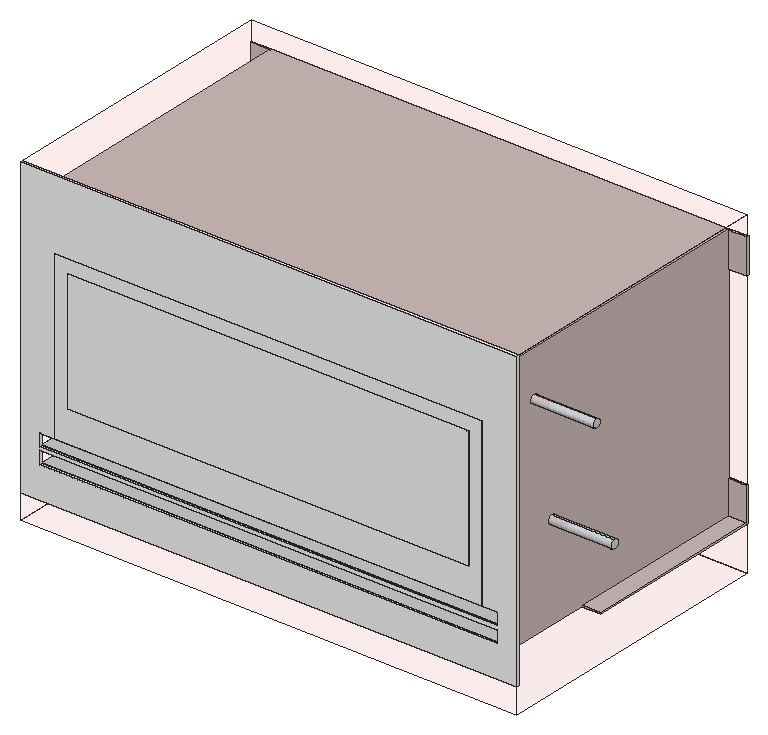
Revit family "Air-Curtain_Vestibule-Except_PoweredAire_CHA-HWST", category Mechanical Equipment, host Face, Revit 2019
Family settings
  Host = Face
  Round Connector Dimension = Use Diameter
  Part Type = Normal
  OmniClass Number = 23.75.35.17.21
  OmniClass Title = Air Curtains
  Cut with Voids When Loaded = No
  Shared = No
  Room Calculation Point = No
Parameters
  upperpiperotation [instance] = if(Upper Pipe Connection Side A, 0.00°, 180.00°)  # 0.00°
  lowerpiperotation [instance] = if(Lower Pipe Connection Side A, 0.00°, 180.00°)  # 0.00°
  locateupperpipe [instance] = if(Upper Pipe Connection Side A, 0' 0", Nozzle Width)  # 0' - 0"
  locatelowerpipe [instance] = if(Lower Pipe Connection Side A, 0' 0", Nozzle Width)  # 0' - 0"
  Warranty Duration (Years) = 0
  Upper Pipe Connection Side A [instance] = yes
  Unit Width Notes = "Other Widths available."  # constant formula
  Unit Width = 3' - 3"
  Unit Weight = 0
  Unit Height = 1' - 10 3/4"
  Unit Depth = 1' - 11 1/4"
  URL = "http://www.poweredaire.com/"
  Test Data = ""
  Standards Conformance = "as Specified"
  Specification = "http://www.arcat.com/sdspecs/htm04/23_34_33pai.htm"
  SpecWizard = ""
  Sound Pressure = "as Specified"
  Sales Information = "http://www.poweredaire.com/contact_us"
  Revision = "R1_2016-08"
  Projection from Host [instance] = 0' - 2"
  Product Properties = ""
  Product Data = "http://www.arcat.com/arcatcos/cos47/arc47623.html"
  Power Rating = 0 W
  Piping_Water Flow [instance] = 0 GPM
  Piping_Operating Pressure [instance] = 0.00 psi
  Piping_Exit Temperature [instance] = 0 °F
  Piping_Entry Temperature [instance] = 0 °F
  Pipe OD [instance] = 5/8"
  Nozzle Width = if(1 = 1, Unit Width - 0' 3", 0' 0")  # 3' - 0"
  Mounting Width = if(1 = 1, Unit Width - 0' 1 1/2", 0' 0")  # 3' - 1 1/2"
  Mounting Height [instance] = 3' - 6"
  Motor RPM = 0
  Motor HP = 0
  Motor Count = 0
  Model = "As Specified"
  Max Height = 0' - 0"
  Manufacturer Website = "http://www.poweredaire.com/"
  Manufacturer Phone - Toll Free = "888-321-2473"
  Manufacturer Phone = "724-588-3305"
  Manufacturer Fax = "724-588-3371"
  Manufacturer Address = "109 Mortensen Rd.  Greenville, PA 16125"
  Manufacturer = "Powered Aire, Inc"
  Maintenance Schedule (Months) = 0
  Lower Pipe Connection Side A [instance] = yes
  Keynote = "23 34 33"
  Installation-Fabrication = ""
  Installation Phase = ""
  Include Clearance [instance] = yes
  Heating Element Load = 0 W
  HVAC_Temperature Rise = 0 °F
  HVAC_Outlet Volume = 0 CFM
  HVAC_Outlet Velocity Uniformity = 0
  HVAC_Outlet Velocity = 0 FPM
  HVAC_BTU Input = 0.0 Btu/h
  Green Building-LEED = "http://www.arcat.com/green/clients/leed_data_47623.html"
  Front Grating Material [instance] = Metal - Steel - PoweredAire - White Perforated
  Frame Finish [instance] = Metal - Steel - PoweredAire - Stainless 304
  Expected Lifespan (Years) = 0
  Electrical_Wattage [instance] = Power Rating + Heating Element Load  # 0 W
  Electrical_Voltage [instance] = 0 V
  Electrical_Phase [instance] = 1
  Electrical_Frequency [instance] = 0 Hz
  Electrical_Amperage [instance] = 0 A
  Drawn By = "Sumex Design, Inc. / Robert S. Weygant, CSI, CDT, SCIP"
  Description = "Powered Aire Air Curtain as Specified"
  Default Elevation = 0' - 0"  # constant formula
  Cover Finish [instance] = Metal - Steel - PoweredAire - White
  Copyright = "©Arcat Inc."
  Construction Details = "http://www.arcat.com/details/powair/prod3336.html"
  Clearance_Top [instance] = 0' - 0"
  Clearance_Side B [instance] = 0' - 0"
  Clearance_Side A [instance] = 0' - 0"
  Clearance_Intake [instance] = 0' - 0"
  Clearance_Front [instance] = 0' - 0"
  Clearance Material [instance] = ARCAT Clearance
  Building Codes = ""
  Available Options [instance] = "as Specified"
  Assembly Code = "D3090400"
Reference planes (in)
  plane 1 "Center (Elevation)": y = 11.51318
  plane 2: z = 0
  plane 3 "Center (Left/Right)": x = 0
  plane 4: y = 22.88818
  plane 5: y = 0.13818
  plane 6: x = -19.5
  plane 7: x = 19.5
  plane 8: z = 25.25
  plane 9 "FF": y = -41.86182
  plane 10: z = 2
  plane 11: x = 18
  plane 12: x = -18
  plane 13: y = 22.88818
  plane 14: y = 0.13818
  plane 15: x = -19.5
  plane 16: x = 19.5
  plane 17: z = 25.25
  plane 18: y = 0.38818
  plane 19: x = 18
  plane 20: x = 18
  plane 21: z = 20.25
  plane 22: z = 11
Forms (in)
  Extrusion 1, solid, material "ARCAT Clearance" <- "Clearance Material", visible <- "Include Clearance"
    sketch origin (0, 0, 0) x (0, 1, 0) y (0, 0, 1)
      loop
        line (0.13818, 25.25) -> (0.13818, 0) -> (22.88818, 0) -> (22.88818, 25.25) -> (0.13818, 25.25)
    from -19.5 to 19.5
  Extrusion 2, solid, material "Metal - Steel - PoweredAire - White" <- "Cover Finish"
    sketch origin (0, 11.51318, 0) x (1, 0, 0) y (0, 0, 1)
      loop
        line (-19.5, 25.25) -> (-19.5, 2) -> (19.5, 2) -> (19.5, 25.25) -> (-19.5, 25.25)
    from 11.125 to 11.375
  Extrusion 3, solid, material "Metal - Steel - PoweredAire - Stainless 304" <- "Frame Finish"
    sketch origin (0, 11.51318, 0) x (1, 0, 0) y (0, 0, 1)
      loop
        line (18, 23.75) -> (-18, 23.75) -> (-18, 3.5) -> (18, 3.5) -> (18, 23.75)
    from -11.375 to 11.125
  Extrusion 4, void
    sketch origin (0, 0, 0) x (0, 1, 0) y (0, 0, 1)
      loop
        line (0.13818, 5.5) -> (0.13818, 4.5) -> (1.88818, 4.5) -> (1.88818, 6.75) -> (0.13818, 6.75) -> (0.13818, 5.75) -> (1.63818, 5.75) -> (1.63818, 5.5) -> (0.13818, 5.5)
    from -18 to 18
  Extrusion 5, solid, material "Metal - Steel - PoweredAire - White" <- "Cover Finish"
    sketch origin (-11.83813, 0.13818, 48) x (-1, 0, 0) y (0, 0, 1)
      loop
        line (4.91187, -41.25) -> (4.91187, -28.25) -> (-28.58813, -28.25) -> (-28.58813, -41.25) -> (4.91187, -41.25)
    from 0 to -0.03125
  Extrusion 6, solid, material "Metal - Steel - PoweredAire - White Perforated" <- "Front Grating Material"
    sketch origin (-11.83813, 0.10693, 48) x (1, 0, 0) y (0, 0, 1)
      loop
        line (-3.91187, -29.25) -> (-3.91187, -38.75) -> (27.58813, -38.75) -> (27.58813, -29.25) -> (-3.91187, -29.25)
    from 0 to 0.03125
  Extrusion 7, solid, material "Metal - Steel - PoweredAire - Stainless 304" <- "Frame Finish"
    sketch origin (-15.17702, -180, 2) x (-1, 0, 0) y (0, -1, 0)
      loop
        line (-33.17702, -202.88818) -> (-33.17702, -188.38818) -> (-34.67702, -188.38818) -> (-34.67702, -202.88818) -> (-33.17702, -202.88818)
      loop
        line (2.82298, -202.88818) -> (4.32298, -202.88818) -> (4.32298, -188.38818) -> (2.82298, -188.38818) -> (2.82298, -202.88818)
    from 1.5 to 1.625
  Extrusion 8, solid, material "Metal - Steel - PoweredAire - Stainless 304" <- "Frame Finish"
    sketch origin (-11.83813, 22.88818, 48) x (-1, 0, 0) y (0, 0, 1)
      loop
        line (7.66187, -44.5) -> (7.66187, -41.75) -> (6.16187, -41.75) -> (6.16187, -44.5) -> (7.66187, -44.5)
      loop
        line (-31.33813, -44.5) -> (-29.83813, -44.5) -> (-29.83813, -41.75) -> (-31.33813, -41.75) -> (-31.33813, -44.5)
      loop
        line (7.66187, -27) -> (7.66187, -24.25) -> (6.16187, -24.25) -> (6.16187, -27) -> (7.66187, -27)
      loop
        line (-31.33813, -27) -> (-29.83813, -27) -> (-29.83813, -24.25) -> (-31.33813, -24.25) -> (-31.33813, -27)
    from 0 to -0.125
  Sweep 9, solid
    path origin (18, 11.51318, 20.25) x (1, 0, 0) y (0, 0, 1)
      loop
        line (0, 0) -> (5, 0)
    profile origin (20.5, 11.51318, 20.25) x (0, 0, 1) y (0, -1, 0)
      loop
        circle (0, 7.875) r 0.3125
  Sweep 10, solid
    path origin (18, 11.51318, 11) x (1, 0, 0) y (0, 0, 1)
      loop
        line (0, 0) -> (5, 0)
    profile origin (20.5, 11.51318, 11) x (0, 0, 1) y (0, -1, 0)
      loop
        circle (0, 6.125) r 0.3125
Cuts and joins
  Extrusion 4 cuts Extrusion 1
  Extrusion 4 cuts Extrusion 2
  Extrusion 4 cuts Extrusion 3
Lines and regions (in)
  reference lines
    curve 1: line (18, 11.51318, 20.25) -> (25.75, 11.51318, 20.25)
    curve 2: line (18, 11.51318, 11) -> (26.25, 11.51318, 11)
Dimensions and locks (in)
  equal spacing: plane 4, plane 1 "Center (Elevation)", plane 5
  "Unit Height": plane 4 to plane 5
  equal spacing: plane 6, plane 3 "Center (Left/Right)", plane 7
  "Unit Width": plane 6 to plane 7
  "Mounting Height": plane 5 to plane 9 "FF"
  "Projection from Host": plane 10 to level
  "Unit Depth": plane 8 to plane 10
  locked: plane 6 to plane 12 at 1.5
  locked: plane 11 to plane 7 at 1.5
  "Clearance_Side A": plane 7 to plane 16
  "Clearance_Side B": plane 15 to plane 6
  "Clearance_Top": plane 13 to plane 4
  "Clearance_Intake": plane 5 to plane 14
  "Clearance_Front": plane 17 to plane 8
  locked: plane 8 to Extrusion 3 sketch curve at 1.5
  locked: Extrusion 3 sketch curve to plane 10 at 1.5
  locked: plane 7 to Extrusion 3 sketch curve at 1.5
  locked: Extrusion 3 sketch curve to plane 6 at 1.5
  locked: plane 18 to plane 5 at 0.25
  Extrusion 4 sketch curve to Extrusion 4 sketch curve to Extrusion 4 sketch curve to Extrusion 4 sketch curve to plane 10 = 0' - 1" locked, 0' - 0 1/4" locked, 0' - 1" locked, 0' - 2 1/2" locked
  Extrusion 5 sketch curve to Extrusion 5 sketch curve to plane 10 = 1' - 1" locked, 0' - 4 3/4" locked
  locked: plane 11 to Extrusion 5 sketch curve at 1.25
  locked: Extrusion 5 sketch curve to plane 12 at 1.25
  Extrusion 6 sketch curve to Extrusion 6 sketch curve to plane 10 = 0' - 9 1/2" locked, 0' - 7 1/4" locked
  locked: Extrusion 6 sketch curve to plane 12 at 2.25
  locked: plane 11 to Extrusion 6 sketch curve at 2.25
  locked: plane 4 to Extrusion 7 sketch curve at 14.5  (x2)
  Extrusion 8 sketch curve to Extrusion 8 sketch curve to Extrusion 8 sketch curve to Extrusion 8 sketch curve to plane 10 = 0' - 2 3/4" locked, 1' - 2 3/4" locked, 0' - 2 3/4" locked, 0' - 1 1/2" locked  (x2)
  "locatelowerpipe": plane 19 to plane 11
  "locateupperpipe": plane 20 to plane 11
  locked: plane 8 to plane 21 at 5
  locked: plane 22 to plane 10 at 9
  locked: curve 1 to Sweep 9 sketch curve at 5
  locked: curve 1 to Sweep 9 sketch curve
  locked: curve 2 to Sweep 10 sketch curve at 5
  locked: curve 2 to Sweep 10 sketch curve
  locked: plane 5 to Sweep 9 sketch curve at 3.5
  locked: plane 5 to Sweep 10 sketch curve at 5.25
  "lowerpiperotation": angle plane 21 to curve 1
  "upperpiperotation": angle plane 22 to curve 2
  aligned and locked: plane 2 to host face
  aligned and locked: level to host face
  aligned and locked: Extrusion 1 sketch curve to plane 17
  aligned and locked: plane 14 to Extrusion 1 sketch curve
  aligned and locked: level to Extrusion 1 sketch curve
  aligned and locked: Extrusion 1 sketch curve to plane 13
  aligned and locked: plane 16 to Extrusion 1
  aligned and locked: Extrusion 1 to plane 15
  aligned and locked: Extrusion 2 sketch curve to plane 8
  aligned and locked: plane 6 to Extrusion 2 sketch curve
  aligned and locked: Extrusion 2 sketch curve to plane 10
  aligned and locked: Extrusion 2 sketch curve to plane 7
  aligned and locked: Extrusion 3 to plane 4
  aligned and locked: Extrusion 3 to plane 18
  aligned and locked: Extrusion 2 to plane 18
  aligned and locked: Extrusion 2 to plane 5
  aligned and locked: plane 11 to Extrusion 4
  aligned and locked: Extrusion 4 to plane 12
  aligned and locked: Extrusion 7 sketch curve to plane 4  (x2)
  aligned and locked: plane 20 to curve 2
  aligned and locked: plane 22 to curve 2
  aligned and locked: plane 19 to curve 1
  aligned and locked: plane 21 to curve 1
Automatic sketch dimensions
  host sketch curve to host sketch curve = 8' - 0"  (x2)
  Extrusion 4 sketch curve to plane 5 = 0' - 0"  (x2)
  plane 18 to Extrusion 4 sketch curve = 0' - 1 1/4"
  Extrusion 4 sketch curve to Extrusion 4 sketch curve = 0' - 0 1/4"
  Extrusion 7 sketch curve to plane 7 = 0' - 0"
  Extrusion 7 sketch curve to plane 11 = 0' - 0"
  Extrusion 7 sketch curve to plane 12 = 0' - 0"
  Extrusion 7 sketch curve to plane 6 = 0' - 0"
  Extrusion 8 sketch curve to plane 7 = 0' - 0"  (x2)
  Extrusion 8 sketch curve to plane 11 = 0' - 0"  (x2)
  Extrusion 8 sketch curve to plane 12 = 0' - 0"  (x2)
  Extrusion 8 sketch curve to plane 6 = 0' - 0"  (x2)
  profile plane to Sweep 9 sketch curve = 0' - 0"
  profile plane to Sweep 10 sketch curve = 0' - 0"
  radius of Sweep 9 sketch curve = 0' - 0 5/16"
  radius of Sweep 10 sketch curve = 0' - 0 5/16"
Connectors (in)
  electrical at (-18, 6.38818, 9.625), driven by "Electrical_Voltage", driven by "Electrical_Phase"
    settings: on cut or joined group of Extrusion 3, Extrusion 4, index 1, voltage 0 V, apparent load 0 VA, apparent load phase1 0 VA, apparent load phase2 0 VA, apparent load phase3 0 VA, power factor 1, load classification "Other", number of poles 1, system type 31, power factor state 1, is connector primary yes, connector utility no, sub classification motor no, connector description ""
  piping at (23, 3.63818, 20.25), diameter 0.625, driven by "Pipe OD"
    settings: on Sweep 9, index 2, connector inside diameter 24", connector length 0' - 0", flow factor 0, pipe flow 0 GPM, pressure drop 0.00 psi, fitting loss kfactor 0, connector angle 0.00°, fixture units 0, engagement length 0' - 0", angle of deflection 0.00°, flow configuration 0, flow direction 0, fitting loss method 0, system type 29, joint type 0, gender type 0, connector reference index -1, connector utility 0, adjustable connector no, is connector primary no, connector description "Define Supply or Return and Location"
  piping at (23, 5.38818, 11), diameter 0.625, driven by "Pipe OD"
    settings: on Sweep 10, index 3, connector inside diameter 24", connector length 0' - 0", flow factor 0, pipe flow 0 GPM, pressure drop 0.00 psi, fitting loss kfactor 0, connector angle 0.00°, fixture units 0, engagement length 0' - 0", angle of deflection 0.00°, flow configuration 0, flow direction 0, fitting loss method 0, system type 29, joint type 0, gender type 0, connector reference index -1, connector utility 0, adjustable connector no, is connector primary yes, connector description "Define Supply or Return and Location"
